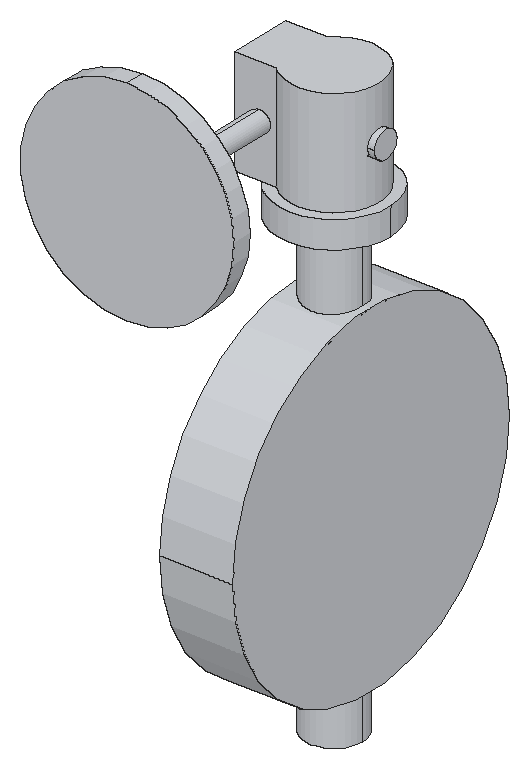
Revit family "HS497-68_disk-nerez_převodové kolo DN400-RFA_2019", category Pipe Accessories, Revit 2019
Family settings
  Round Connector Dimension = Use Diameter
  Part Type = Valve - Breaks Into
  Work Plane-Based = No
  Always vertical = Yes
  Cut with Voids When Loaded = No
  Shared = No
Parameters (values of type "HS 497-68_DN400_PN10_převodové kolo")
  magiProductId = "cc64a4384dcb41b780d81810f4f293"
  magiProductFamilyId = "53cea81e6f374d17b8841d9c72ad77"
  magiPartTypeId = 305
  isMeasuringValve [instance] = no
  ang2D [instance] = 0.00°
  X11 = 109.255 mm
  X1 = 45.255 mm
  W2D = 1000 mm
  VersionID = "2.0/2017.9.26.1/ZETKAMA_497_001"
  Use Minimum Symbol Size [instance] = yes
  URL = "http://www.hydronic.cz"
  Type Comments = "mezipřírubová; nerezový disk; PN10; -10~+110°C (krátkodobě +120°C)"
  SW30 = yes
  SW3 = yes
  SW21 = no
  SW20 = no
  SW2 = no
  SW1 = no
  R = 200 mm
  QmdConnectorList = "301;D;302;D"
  Productdata [instance] = ""
  NC = 72.5 mm
  Manufacturer = "Hydronic Systems Prague s.r.o."
  MM20 = 45.255 mm
  MC Product Code = "126 400 (nerezový disk, s převodovým kolem; DN400; PN10, kvs13799)"
  M41 = 103.5 mm
  M4 = 69 mm
  LHL = 220 mm
  LHH3 = 2.45 mm
  LHH1 = 46.55 mm
  LH1 = 73.333 mm
  L4R__ve = -L4R  # -27.8 mm
  L4R = 27.8 mm
  L42__ve = -L42  # -208.5 mm
  L42 = 208.5 mm
  L41__ve = -L41  # -41.7 mm
  L41 = 41.7 mm
  L2D_Min = 3048 mm
  L2D = 216 mm
  L2 = 51 mm
  L1 = 81.6 mm
  L = 102 mm
  H = 31 mm
  G22 = 11.25 mm
  G2 = 22.5 mm
  G1 = 90 mm
  G = 160 mm
  F = 27 mm
  E44 = 75 mm
  E42 = 150 mm
  E4 = 300 mm
  E23 = 4.9 mm
  E22 = 19.6 mm
  E21 = 9.8 mm
  Description = "Mezipřírubová uzavírací klapka s převodovým kolem; nerezový disk, DN400; PN10; kvs13799"
  DR2 = 200 mm
  DR = 485 mm
  DD1 = 37.5 mm
  DD = 30 mm
  D = 400 mm
  CAT0 = yes
  B2__ve = -B2  # -108 mm
  B2 = 108 mm
  A2 = 38 mm
  A1 = 142 mm
Types (43, lengths in mm): name | magiProductId | X11 | X1 | Type Comments | SW30 | SW3 | SW20 | SW2 | SW1 | R | NC | Manufacturer | MM20 | MC Product Code | M41 | M4 | LHL | LHH3 | LHH1 | LH1 | L4R__ve | L4R | L42__ve | L42 | L41__ve | L41 | L2 | L1 | L | H | G | F | E44 | E42 | E4 | E23 | E22 | E21 | Description | DR2 | DR | DD1 | DD | D | B2__ve | B2 | A2 | A1
  HS 497-68_DN100_PN16_volné vřeteno | "65d1b245f4f142c78569c0602d5754" | 61.456 | 25.456 | "mezipřírubová; nerezový disk; PN16; -10~+110°C (krátkodobě +120°C)" | no | no | no | no | yes | 50 | 50 | "Hydronic Systems Prague s.r.o." | 25.456 | "124 100 (nerezový disk, s volným vřetenem; DN100; PN16, kvs512)" | 66 | 44 | 220 | 2.45 | 46.55 | 73.333 | -12.8 | 12.8 | -96 | 96 | -19.2 | 19.2 | 26 | 41.6 | 52 | 30 | 90 | 11 | 31.25 | 62.5 | 125 | 4.9 | 19.6 | 9.8 | "Mezipřírubová uzavírací klapka s volným vřetenem; nerezový disk, DN100; PN16; kvs512" | 50 | 147 | 15.625 | 12.5 | 100 | -56 | 56 | 16.5 | 98.5
  HS 497-68_DN100_PN16_převodové kolo | "11e91b807e674d428c8e796fcdcfe2" | 61.456 | 25.456 | "mezipřírubová; nerezový disk; PN16; -10~+110°C (krátkodobě +120°C)" | yes | yes | no | no | no | 50 | 50 | "Hydronic Systems Prague s.r.o." | 25.456 | "126 100 (nerezový disk, s převodovým kolem; DN100; PN16, kvs512)" | 65.25 | 43.5 | 220 | 2.45 | 46.55 | 73.333 | -12.8 | 12.8 | -96 | 96 | -19.2 | 19.2 | 26 | 41.6 | 52 | 30 | 90 | 11 | 31.25 | 62.5 | 125 | 4.9 | 19.6 | 9.8 | "Mezipřírubová uzavírací klapka s převodovým kolem; nerezový disk, DN100; PN16; kvs512" | 50 | 147 | 15.625 | 12.5 | 100 | -56 | 56 | 16.5 | 98.5
  HS 497-68_DN100_PN16_s pákou | "28172f0b3f4b47b28323ac71cf8749" | 61.456 | 25.456 | "mezipřírubová; nerezový disk; PN16; -10~+110°C (krátkodobě +120°C)" | no | no | yes | yes | no | 50 | 50 | "Hydronic Systems Prague s.r.o." | 25.456 | "121 100 (nerezový disk, s pákou; DN100; PN16, kvs512)" | 66 | 44 | 260 | 3 | 57 | 86.667 | -12.8 | 12.8 | -96 | 96 | -19.2 | 19.2 | 26 | 41.6 | 52 | 30 | 90 | 11 | 31.25 | 62.5 | 125 | 6 | 24 | 12 | "Mezipřírubová uzavírací klapka s pákou; nerezový disk, DN100; PN16; kvs512" | 50 | 147 | 15.625 | 12.5 | 100 | -56 | 56 | 16.5 | 98.5
  HS 497-68_DN125_PN16_volné vřeteno | "0d813d910fc14f628bb3c2efbd185c" | 61.456 | 25.456 | "mezipřírubová; nerezový disk; PN16; -10~+110°C (krátkodobě +120°C)" | no | no | no | no | yes | 62.5 | 50 | "Hydronic Systems Prague s.r.o." | 25.456 | "124 125 (nerezový disk, s volným vřetenem; DN125; PN16, kvs872)" | 66 | 44 | 220 | 2.45 | 46.55 | 73.333 | -12.8 | 12.8 | -96 | 96 | -19.2 | 19.2 | 28 | 44.8 | 56 | 33 | 90 | 14 | 31.25 | 62.5 | 125 | 4.9 | 19.6 | 9.8 | "Mezipřírubová uzavírací klapka s volným vřetenem; nerezový disk, DN125; PN16; kvs872" | 62.5 | 180 | 15.625 | 12.5 | 125 | -64 | 64 | 18 | 99.5
  HS 497-68_DN125_PN16_převodové kolo | "c56b7c13f372467684996fb1e0e229" | 61.456 | 25.456 | "mezipřírubová; nerezový disk; PN16; -10~+110°C (krátkodobě +120°C)" | yes | yes | no | no | no | 62.5 | 50 | "Hydronic Systems Prague s.r.o." | 25.456 | "126125 (nerezový disk, s převodovým kolem; DN125; PN16, kvs872)" | 65.25 | 43.5 | 220 | 2.45 | 46.55 | 73.333 | -13.5 | 13.5 | -101.25 | 101.25 | -20.25 | 20.25 | 28 | 44.8 | 56 | 33 | 90 | 14 | 40 | 80 | 160 | 4.9 | 19.6 | 9.8 | "Mezipřírubová uzavírací klapka s převodovým kolem; nerezový disk, DN125; PN16; kvs872" | 62.5 | 180 | 20 | 16 | 125 | -64 | 64 | 18 | 99.5
  HS 497-68_DN125_PN16_s pákou | "105993c79a91492399feef7931321a" | 61.456 | 25.456 | "mezipřírubová; nerezový disk; PN16; -10~+110°C (krátkodobě +120°C)" | no | no | yes | yes | no | 62.5 | 50 | "Hydronic Systems Prague s.r.o." | 25.456 | "121 125 (nerezový disk, s pákou; DN125; PN16, kvs872)" | 66 | 44 | 315 | 3.75 | 71.25 | 105 | -12.8 | 12.8 | -96 | 96 | -19.2 | 19.2 | 28 | 44.8 | 56 | 33 | 90 | 14 | 31.25 | 62.5 | 125 | 7.5 | 30 | 15 | "Mezipřírubová uzavírací klapka s pákou; nerezový disk, DN125; PN16; kvs872" | 62.5 | 180 | 15.625 | 12.5 | 125 | -64 | 64 | 18 | 99.5
  HS 497-68_DN150_PN16_volné vřeteno | "50c80cb8ab434f55ab7796e5ac1331" | 61.456 | 25.456 | "mezipřírubová; nerezový disk; PN16; -10~+110°C (krátkodobě +120°C)" | no | no | no | no | yes | 75 | 50 | "Hydronic Systems Prague s.r.o." | 25.456 | "124 150 (nerezový disk, s volným vřetenem; DN150; PN16, kvs1347)" | 66 | 44 | 220 | 2.45 | 46.55 | 73.333 | -12.8 | 12.8 | -96 | 96 | -19.2 | 19.2 | 28 | 44.8 | 56 | 33 | 90 | 14 | 31.25 | 62.5 | 125 | 4.9 | 19.6 | 9.8 | "Mezipřírubová uzavírací klapka s volným vřetenem; nerezový disk, DN150; PN16; kvs1347" | 75 | 206 | 15.625 | 12.5 | 150 | -58 | 58 | 19.3 | 98.7
  HS 497-68_DN150_PN16_převodové kolo | "d94a1a0cf83b476eb10011b327f709" | 61.456 | 25.456 | "mezipřírubová; nerezový disk; PN16; -10~+110°C (krátkodobě +120°C)" | yes | yes | no | no | no | 75 | 50 | "Hydronic Systems Prague s.r.o." | 25.456 | "126 150 (nerezový disk, s převodovým kolem; DN150; PN16, kvs1347)" | 65.25 | 43.5 | 220 | 2.45 | 46.55 | 73.333 | -13.5 | 13.5 | -101.25 | 101.25 | -20.25 | 20.25 | 28 | 44.8 | 56 | 33 | 90 | 14 | 40 | 80 | 160 | 4.9 | 19.6 | 9.8 | "Mezipřírubová uzavírací klapka s převodovým kolem; nerezový disk, DN150; PN16; kvs1347" | 75 | 206 | 20 | 16 | 150 | -58 | 58 | 19.3 | 98.7
  HS 497-68_DN150_PN16_s pákou | "4d2835523fe84828bc50ff0a5a0dfb" | 61.456 | 25.456 | "mezipřírubová; nerezový disk; PN16; -10~+110°C (krátkodobě +120°C)" | no | no | yes | yes | no | 75 | 50 | "Hydronic Systems Prague s.r.o." | 25.456 | "121 150 (nerezový disk, s pákou; DN150; PN16, kvs1347)" | 66 | 44 | 315 | 3.75 | 71.25 | 105 | -12.8 | 12.8 | -96 | 96 | -19.2 | 19.2 | 28 | 44.8 | 56 | 33 | 90 | 14 | 31.25 | 62.5 | 125 | 7.5 | 30 | 15 | "Mezipřírubová uzavírací klapka s pákou; nerezový disk, DN150; PN16; kvs1347" | 75 | 206 | 15.625 | 12.5 | 150 | -58 | 58 | 19.3 | 98.7
  HS 497-68_DN200_PN16_volné vřeteno | "5b29029eaeba47139ee1055a4b9201" | 61.456 | 25.456 | "mezipřírubová; nerezový disk; PN16; -10~+110°C (krátkodobě +120°C)" | no | no | no | no | yes | 100 | 50 | "Hydronic Systems Prague s.r.o." | 25.456 | "124 200 (nerezový disk, s volným vřetenem; DN200; PN16, kvs2675)" | 66 | 44 | 220 | 2.45 | 46.55 | 73.333 | -12.8 | 12.8 | -96 | 96 | -19.2 | 19.2 | 30 | 48 | 60 | 33 | 90 | 17 | 31.25 | 62.5 | 125 | 4.9 | 19.6 | 9.8 | "Mezipřírubová uzavírací klapka s volným vřetenem; nerezový disk, DN200; PN16; kvs2675" | 100 | 257 | 15.625 | 12.5 | 200 | -70 | 70 | 22.5 | 102.5
  HS 497-68_DN200_PN16_převodové kolo | "b2793cc1fcc44cf2a35062cd67c04f" | 61.456 | 25.456 | "mezipřírubová; nerezový disk; PN16; -10~+110°C (krátkodobě +120°C)" | yes | yes | no | no | no | 100 | 57 | "Hydronic Systems Prague s.r.o." | 25.456 | "126 200 (nerezový disk, s převodovým kolem; DN200; PN16, kvs2675)" | 78.75 | 52.5 | 220 | 2.45 | 46.55 | 73.333 | -15.2 | 15.2 | -114 | 114 | -22.8 | 22.8 | 30 | 48 | 60 | 33 | 90 | 17 | 50 | 100 | 200 | 4.9 | 19.6 | 9.8 | "Mezipřírubová uzavírací klapka s převodovým kolem; nerezový disk, DN200; PN16; kvs2675" | 100 | 257 | 25 | 20 | 200 | -70 | 70 | 22.5 | 102.5
  HS 497-68_DN200_PN16_s pákou | "f88d96c7af224537a51e72d7d8fffe" | 61.456 | 25.456 | "mezipřírubová; nerezový disk; PN16; -10~+110°C (krátkodobě +120°C)" | no | no | yes | yes | no | 100 | 50 | "Hydronic Systems Prague s.r.o." | 25.456 | "121 200 (nerezový disk, s pákou; DN200; PN16, kvs2675)" | 66 | 44 | 315 | 3.75 | 71.25 | 105 | -12.8 | 12.8 | -96 | 96 | -19.2 | 19.2 | 30 | 48 | 60 | 33 | 90 | 17 | 31.25 | 62.5 | 125 | 7.5 | 30 | 15 | "Mezipřírubová uzavírací klapka s pákou; nerezový disk, DN200; PN16; kvs2675" | 100 | 257 | 15.625 | 12.5 | 200 | -70 | 70 | 22.5 | 102.5
  HS 497-68_DN250_PN16_volné vřeteno | "b662e8305ca2402b9c510e66e6aa55" | 88.77 | 36.77 | "mezipřírubová; nerezový disk; PN16; -10~+110°C (krátkodobě +120°C)" | no | no | no | no | yes | 125 | 50 | "Hydronic Systems Prague s.r.o." | 36.77 | "124 250 (nerezový disk, s volným vřetenem; DN250; PN16, kvs4555)" | 66 | 44 | 220 | 2.45 | 46.55 | 73.333 | -12.8 | 12.8 | -96 | 96 | -19.2 | 19.2 | 34 | 54.4 | 68 | 23 | 130 | 22 | 31.25 | 62.5 | 125 | 4.9 | 19.6 | 9.8 | "Mezipřírubová uzavírací klapka s volným vřetenem; nerezový disk, DN250; PN16; kvs4555" | 125 | 324 | 15.625 | 12.5 | 250 | -85 | 85 | 28.25 | 129.25
  HS 497-68_DN250_PN16_převodové kolo | "5ee9016806664ddfaa2632711f295c" | 88.77 | 36.77 | "mezipřírubová; nerezový disk; PN16; -10~+110°C (krátkodobě +120°C)" | yes | yes | no | no | no | 125 | 70 | "Hydronic Systems Prague s.r.o." | 36.77 | "126 250 (nerezový disk, s převodovým kolem; DN250; PN16, kvs4555)" | 91.5 | 61 | 220 | 2.45 | 46.55 | 73.333 | -22.2 | 22.2 | -166.5 | 166.5 | -33.3 | 33.3 | 34 | 54.4 | 68 | 23 | 130 | 22 | 62.5 | 125 | 250 | 4.9 | 19.6 | 9.8 | "Mezipřírubová uzavírací klapka s převodovým kolem; nerezový disk, DN250; PN16; kvs4555" | 125 | 324 | 31.25 | 25 | 250 | -85 | 85 | 28.25 | 129.25
  HS 497-68_DN300_PN16_volné vřeteno | "e1886f51ff004380a649519258edf2" | 88.77 | 36.77 | "mezipřírubová; nerezový disk; PN16; -10~+110°C (krátkodobě +120°C)" | no | no | no | no | yes | 150 | 50 | "Hydronic Systems Prague s.r.o." | 36.77 | "124 300 (nerezový disk, s volným vřetenem; DN300; PN16, kvs7037)" | 66 | 44 | 220 | 2.45 | 46.55 | 73.333 | -12.8 | 12.8 | -96 | 96 | -19.2 | 19.2 | 39 | 62.4 | 78 | 23 | 130 | 22 | 31.25 | 62.5 | 125 | 4.9 | 19.6 | 9.8 | "Mezipřírubová uzavírací klapka s volným vřetenem; nerezový disk, DN300; PN16; kvs7037" | 150 | 376 | 15.625 | 12.5 | 300 | -90 | 90 | 30.8 | 127.2
  HS 497-68_DN300_PN16_převodové kolo | "6860f094f77d42088fbebc3c97f755" | 88.77 | 36.77 | "mezipřírubová; nerezový disk; PN16; -10~+110°C (krátkodobě +120°C)" | yes | yes | no | no | no | 150 | 70 | "Hydronic Systems Prague s.r.o." | 36.77 | "126 300 (nerezový disk, s převodovým kolem; DN300; PN16, kvs7037)" | 91.5 | 61 | 220 | 2.45 | 46.55 | 73.333 | -22.2 | 22.2 | -166.5 | 166.5 | -33.3 | 33.3 | 39 | 62.4 | 78 | 23 | 130 | 22 | 62.5 | 125 | 250 | 4.9 | 19.6 | 9.8 | "Mezipřírubová uzavírací klapka s převodovým kolem; nerezový disk, DN300; PN16; kvs7037" | 150 | 376 | 31.25 | 25 | 300 | -90 | 90 | 30.8 | 127.2
  HS 497-68_DN032_PN16_volné vřeteno | "8c5f65de52aa4067a77564107e31b2" | 61.456 | 25.456 | "mezipřírubová; nerezový disk; PN16; -10~+110°C (krátkodobě +120°C)" | no | no | no | no | yes | 16 | 50 | "Hydronic Systems Prague s.r.o." | 25.456 | "124 032 (nerezový disk, s volným vřetenem; DN32; PN16, kvs78)" | 66 | 44 | 220 | 2.45 | 46.55 | 73.333 | -12.8 | 12.8 | -96 | 96 | -19.2 | 19.2 | 16.5 | 26.4 | 33 | 30 | 90 | 11 | 31.25 | 62.5 | 125 | 4.9 | 19.6 | 9.8 | "Mezipřírubová uzavírací klapka s volným vřetenem; nerezový disk, DN32; PN16; kvs78" | 16 | 68 | 15.625 | 12.5 | 32 | -44.2 | 44.2 | 10.25 | 76.25
  HS 497-68_DN032_PN16_převodové kolo | "60aaeffa8b3a4e809ef000e4660060" | 61.456 | 25.456 | "mezipřírubová; nerezový disk; PN16; -10~+110°C (krátkodobě +120°C)" | yes | yes | no | no | no | 16 | 50 | "Hydronic Systems Prague s.r.o." | 25.456 | "126 032 (nerezový disk, s převodovým kolem; DN32; PN16, kvs78)" | 65.25 | 43.5 | 220 | 2.45 | 46.55 | 73.333 | -12.8 | 12.8 | -96 | 96 | -19.2 | 19.2 | 16.5 | 26.4 | 33 | 30 | 90 | 11 | 31.25 | 62.5 | 125 | 4.9 | 19.6 | 9.8 | "Mezipřírubová uzavírací klapka s převodovým kolem; nerezový disk, DN32; PN16; kvs78" | 16 | 68 | 15.625 | 12.5 | 32 | -44.2 | 44.2 | 10.25 | 76.25
  HS 497-68_DN032_PN16_s pákou | "9ad8088d610749a1b871aa2aad8007" | 61.456 | 25.456 | "mezipřírubová; nerezový disk; PN16; -10~+110°C (krátkodobě +120°C)" | no | no | yes | yes | no | 16 | 50 | "Hydronic Systems Prague s.r.o." | 25.456 | "121 032 (nerezový disk, s pákou; DN32; PN16, kvs78)" | 66 | 44 | 220 | 2.45 | 46.55 | 73.333 | -12.8 | 12.8 | -96 | 96 | -19.2 | 19.2 | 16.5 | 26.4 | 33 | 30 | 90 | 11 | 31.25 | 62.5 | 125 | 4.9 | 19.6 | 9.8 | "Mezipřírubová uzavírací klapka s pákou; nerezový disk, DN32; PN16; kvs78" | 16 | 68 | 15.625 | 12.5 | 32 | -44.2 | 44.2 | 10.25 | 76.25
  HS 497-68_DN350_PN10_volné vřeteno | "72a1e05f22944421b7e9596a877137" | 109.255 | 45.255 | "mezipřírubová; nerezový disk; PN10; -10~+110°C (krátkodobě +120°C)" | no | no | no | no | yes | 175 | 50 | "Hydronic Systems Prague s.r.o." | 45.255 | "124 350 (nerezový disk, s volným vřetenem; DN350; PN10, kvs10165)" | 66 | 44 | 220 | 2.45 | 46.55 | 73.333 | -12.8 | 12.8 | -96 | 96 | -19.2 | 19.2 | 39 | 62.4 | 78 | 31 | 160 | 22 | 31.25 | 62.5 | 125 | 4.9 | 19.6 | 9.8 | "Mezipřírubová uzavírací klapka s volným vřetenem; nerezový disk, DN350; PN10; kvs10165" | 175 | 430 | 15.625 | 12.5 | 350 | -88 | 88 | 33.85 | 129.65
  HS 497-68_DN350_PN10_převodové kolo | "a5a01426cb28494ba3afca92f1dace" | 109.255 | 45.255 | "mezipřírubová; nerezový disk; PN10; -10~+110°C (krátkodobě +120°C)" | yes | yes | no | no | no | 175 | 70 | "Hydronic Systems Prague s.r.o." | 45.255 | "126 350 (nerezový disk, s převodovým kolem; DN350; PN10, kvs10165)" | 91.5 | 61 | 220 | 2.45 | 46.55 | 73.333 | -22.2 | 22.2 | -166.5 | 166.5 | -33.3 | 33.3 | 39 | 62.4 | 78 | 31 | 160 | 22 | 62.5 | 125 | 250 | 4.9 | 19.6 | 9.8 | "Mezipřírubová uzavírací klapka s převodovým kolem; nerezový disk, DN350; PN10; kvs10165" | 175 | 430 | 31.25 | 25 | 350 | -88 | 88 | 33.85 | 129.65
  HS 497-68_DN400_PN10_volné vřeteno | "c70ebeb927c04ab99b176e257ad0a7" | 109.255 | 45.255 | "mezipřírubová; nerezový disk; PN10; -10~+110°C (krátkodobě +120°C)" | no | no | no | no | yes | 200 | 50 | "Hydronic Systems Prague s.r.o." | 45.255 | "124 400 (nerezový disk, s volným vřetenem; DN400; PN10, kvs13799)" | 66 | 44 | 220 | 2.45 | 46.55 | 73.333 | -12.8 | 12.8 | -96 | 96 | -19.2 | 19.2 | 51 | 81.6 | 102 | 31 | 160 | 27 | 31.25 | 62.5 | 125 | 4.9 | 19.6 | 9.8 | "Mezipřírubová uzavírací klapka s volným vřetenem; nerezový disk, DN400; PN10; kvs13799" | 200 | 485 | 15.625 | 12.5 | 400 | -108 | 108 | 38 | 142
  HS 497-68_DN400_PN10_převodové kolo | "cc64a4384dcb41b780d81810f4f293" | 109.255 | 45.255 | "mezipřírubová; nerezový disk; PN10; -10~+110°C (krátkodobě +120°C)" | yes | yes | no | no | no | 200 | 72.5 | "Hydronic Systems Prague s.r.o." | 45.255 | "126 400 (nerezový disk, s převodovým kolem; DN400; PN10, kvs13799)" | 103.5 | 69 | 220 | 2.45 | 46.55 | 73.333 | -27.8 | 27.8 | -208.5 | 208.5 | -41.7 | 41.7 | 51 | 81.6 | 102 | 31 | 160 | 27 | 75 | 150 | 300 | 4.9 | 19.6 | 9.8 | "Mezipřírubová uzavírací klapka s převodovým kolem; nerezový disk, DN400; PN10; kvs13799" | 200 | 485 | 37.5 | 30 | 400 | -108 | 108 | 38 | 142
  HS 497-68_DN040_PN16_volné vřeteno | "35f92312390745e88df5b5c325d9ee" | 61.456 | 25.456 | "mezipřírubová; nerezový disk; PN16; -10~+110°C (krátkodobě +120°C)" | no | no | no | no | yes | 20 | 50 | "Hydronic Systems Prague s.r.o." | 25.456 | "124 040 (nerezový disk, s volným vřetenem; DN40; PN16, kvs78)" | 66 | 44 | 220 | 2.45 | 46.55 | 73.333 | -12.8 | 12.8 | -96 | 96 | -19.2 | 19.2 | 16.5 | 26.4 | 33 | 30 | 90 | 11 | 31.25 | 62.5 | 125 | 4.9 | 19.6 | 9.8 | "Mezipřírubová uzavírací klapka s volným vřetenem; nerezový disk, DN40; PN16; kvs78" | 20 | 76 | 15.625 | 12.5 | 40 | -36 | 36 | 11 | 79
  HS 497-68_DN040_PN16_převodové kolo | "d88e968eae3445bc9b7b4e6ff35127" | 61.456 | 25.456 | "mezipřírubová; nerezový disk; PN16; -10~+110°C (krátkodobě +120°C)" | yes | yes | no | no | no | 20 | 50 | "Hydronic Systems Prague s.r.o." | 25.456 | "126 040 (nerezový disk, s převodovým kolem; DN40; PN16, kvs78)" | 65.25 | 43.5 | 220 | 2.45 | 46.55 | 73.333 | -12.8 | 12.8 | -96 | 96 | -19.2 | 19.2 | 16.5 | 26.4 | 33 | 30 | 90 | 11 | 31.25 | 62.5 | 125 | 4.9 | 19.6 | 9.8 | "Mezipřírubová uzavírací klapka s převodovým kolem; nerezový disk, DN40; PN16; kvs78" | 20 | 76 | 15.625 | 12.5 | 40 | -36 | 36 | 11 | 79
  HS 497-68_DN040_PN16_s pákou | "c1b522ca65b4407a98818f232eaacb" | 61.456 | 25.456 | "mezipřírubová; nerezový disk; PN16; -10~+110°C (krátkodobě +120°C)" | no | no | yes | yes | no | 20 | 50 | "Hydronic Systems Prague s.r.o." | 25.456 | "121 040 (nerezový disk, s pákou; DN40; PN16, kvs78)" | 66 | 44 | 220 | 2.45 | 46.55 | 73.333 | -12.8 | 12.8 | -96 | 96 | -19.2 | 19.2 | 16.5 | 26.4 | 33 | 30 | 90 | 11 | 31.25 | 62.5 | 125 | 4.9 | 19.6 | 9.8 | "Mezipřírubová uzavírací klapka s pákou; nerezový disk, DN40; PN16; kvs78" | 20 | 76 | 15.625 | 12.5 | 40 | -36 | 36 | 11 | 79
  HS 497-68_DN450_PN10_volné vřeteno | "a8358bc282f14872b3194e530e590a" | 129.74 | 53.74 | "mezipřírubová; nerezový disk; PN10; -10~+110°C (krátkodobě +120°C)" | no | no | no | no | yes | 225 | 50 | "Hydronic Systems Prague s.r.o." | 53.74 | "124 450 (nerezový disk, s volným vřetenem; DN450; PN10, kvs18514)" | 66 | 44 | 220 | 2.45 | 46.55 | 73.333 | -12.8 | 12.8 | -96 | 96 | -19.2 | 19.2 | 57 | 91.2 | 114 | 38 | 190 | 36 | 31.25 | 62.5 | 125 | 4.9 | 19.6 | 9.8 | "Mezipřírubová uzavírací klapka s volným vřetenem; nerezový, DN450; PN10; kvs18514" | 225 | 536 | 15.625 | 12.5 | 450 | -115 | 115 | 38.05 | 117.45
  HS 497-68_DN450_PN10_převodové kolo | "cdf2d80f54a9414f9cbe50647c0ebd" | 129.74 | 53.74 | "mezipřírubová; nerezový disk; PN10; -10~+110°C (krátkodobě +120°C)" | yes | yes | no | no | no | 225 | 91.5 | "Zetkama" | 53.74 | "126 450 (nerezový disk, s převodovým kolem; DN450; PN10, kvs18514)" | 144.75 | 96.5 | 220 | 2.45 | 46.55 | 73.333 | -32.1 | 32.1 | -240.75 | 240.75 | -48.15 | 48.15 | 57 | 91.2 | 114 | 38 | 190 | 36 | 100 | 200 | 400 | 4.9 | 19.6 | 9.8 | "Mezipřírubová uzavírací klapka s převodovým kolem; nerezový disk, DN450; PN10; kvs18514" | 225 | 536 | 50 | 40 | 450 | -115 | 115 | 38.05 | 117.45
  HS 497-68_DN500_PN10_volné vřeteno | "8c396e27bb2743f98f3c762b6517cd" | 143.397 | 59.397 | "mezipřírubová; nerezový disk; PN10; -10~+110°C (krátkodobě +120°C)" | no | no | no | no | yes | 250 | 50 | "Hydronic Systems Prague s.r.o." | 59.397 | "124 500 (nerezový disk, s volným vřetenem; DN500; PN10, kvs23805)" | 66 | 44 | 220 | 2.45 | 46.55 | 73.333 | -12.8 | 12.8 | -96 | 96 | -19.2 | 19.2 | 63.5 | 101.6 | 127 | 38 | 210 | 36 | 31.25 | 62.5 | 125 | 4.9 | 19.6 | 9.8 | "Mezipřírubová uzavírací klapka s volným vřetenem; nerezový disk, DN500; PN10; kvs23805" | 250 | 593 | 15.625 | 12.5 | 500 | -130 | 130 | 43.25 | 139.25
  HS 497-68_DN500_PN10_převodové kolo | "7647804f32e94cef828a7034a91a46" | 143.397 | 59.397 | "mezipřírubová; nerezový disk; PN10; -10~+110°C (krátkodobě +120°C)" | yes | yes | no | no | no | 250 | 91.5 | "Zetkama" | 59.397 | "126 500 (nerezový disk, s převodovým kolem; DN500; PN10, kvs23805)" | 144.75 | 96.5 | 220 | 2.45 | 46.55 | 73.333 | -32.1 | 32.1 | -240.75 | 240.75 | -48.15 | 48.15 | 63.5 | 101.6 | 127 | 38 | 210 | 36 | 100 | 200 | 400 | 4.9 | 19.6 | 9.8 | "Mezipřírubová uzavírací klapka s převodovým kolem; nerezový disk, DN500; PN10; kvs23805" | 250 | 593 | 50 | 40 | 500 | -130 | 130 | 43.25 | 139.25
  HS 497-68_DN050_volné vřeteno | "d71f296ecd6d4adf8f6e5d9853b4e0" | 61.456 | 25.456 | "mezipřírubová; nerezový disk; PN16; -10~+110°C (krátkodobě +120°C)" | no | no | no | no | yes | 25 | 50 | "Hydronic Systems Prague s.r.o." | 25.456 | "124 050 (nerezový disk, s volným vřetenem; DN50; PN16, kvs98)" | 66 | 44 | 220 | 2.45 | 46.55 | 73.333 | -12.8 | 12.8 | -96 | 96 | -19.2 | 19.2 | 21.5 | 34.4 | 43 | 30 | 90 | 11 | 31.25 | 62.5 | 125 | 4.9 | 19.6 | 9.8 | "Mezipřírubová uzavírací klapka s volným vřetenem; nerezový disk, DN50; PN16; kvs98" | 25 | 100 | 15.625 | 12.5 | 50 | -36.5 | 36.5 | 12 | 83
  HS 497-68_DN050_PN16_převodové kolo | "2fb080deeaed49c58418b94c1da5a4" | 61.456 | 25.456 | "mezipřírubová; nerezový disk; PN16; -10~+110°C (krátkodobě +120°C)" | yes | yes | no | no | no | 25 | 50 | "Hydronic Systems Prague s.r.o." | 25.456 | "126 050 (nerezový disk, s převodovým kolem; DN50; PN16, kvs98)" | 65.25 | 43.5 | 220 | 2.45 | 46.55 | 73.333 | -12.8 | 12.8 | -96 | 96 | -19.2 | 19.2 | 21.5 | 34.4 | 43 | 30 | 90 | 11 | 31.25 | 62.5 | 125 | 4.9 | 19.6 | 9.8 | "Mezipřírubová uzavírací klapka s převodovým kolem; nerezový disk, DN50; PN16; kvs98" | 25 | 100 | 15.625 | 12.5 | 50 | -36.5 | 36.5 | 12 | 83
  HS 497-68_DN050_PN16_s pákou | "dabc632061f94877a994b9b4e68112" | 61.456 | 25.456 | "mezipřírubová; nerezový disk; PN16; -10~+110°C (krátkodobě +120°C)" | no | no | yes | yes | no | 25 | 50 | "Hydronic Systems Prague s.r.o." | 25.456 | "121 050 (nerezový disk, s pákou; DN50; PN16, kvs98)" | 66 | 44 | 220 | 2.45 | 46.55 | 73.333 | -12.8 | 12.8 | -96 | 96 | -19.2 | 19.2 | 21.5 | 34.4 | 43 | 30 | 90 | 11 | 31.25 | 62.5 | 125 | 4.9 | 19.6 | 9.8 | "Mezipřírubová uzavírací klapka s pákou; nerezový disk, DN50; PN16; kvs98" | 25 | 100 | 15.625 | 12.5 | 50 | -36.5 | 36.5 | 12 | 83
  HS 497-68_DN600_PN10_volné vřeteno | "99d5892c14664fce81a7c5903f7711" | 143.397 | 59.397 | "mezipřírubová; nerezový disk; PN10; -10~+110°C (krátkodobě +120°C)" | no | no | no | no | yes | 300 | 50 | "Hydronic Systems Prague s.r.o." | 59.397 | "124 600 (nerezový disk, s volným vřetenem; DN600; PN10, kvs36778)" | 66 | 44 | 220 | 2.45 | 46.55 | 73.333 | -12.8 | 12.8 | -96 | 96 | -19.2 | 19.2 | 77 | 123.2 | 154 | 80 | 210 | 60 | 31.25 | 62.5 | 125 | 4.9 | 19.6 | 9.8 | "Mezipřírubová uzavírací klapka s volným vřetenem; nerezový disk, DN600; PN10; kvs36788" | 300 | 690 | 15.625 | 12.5 | 600 | -140 | 140 | 49.4 | 144.6
  HS 497-68_DN600_PN10_převodové kolo | "b1e26faab48a4c499f6bb11e7e3002" | 143.397 | 59.397 | "mezipřírubová; lnerezový disk; PN10; -10~+110°C (krátkodobě +120°C)" | yes | yes | no | no | no | 300 | 140 | "Hydronic Systems Prague s.r.o." | 59.397 | "126 600 (nerezový disk, s převodovým kolem; DN600; PN10, kvs36778)" | 206.25 | 137.5 | 220 | 2.45 | 46.55 | 73.333 | -40.8 | 40.8 | -306 | 306 | -61.2 | 61.2 | 77 | 123.2 | 154 | 80 | 210 | 60 | 125 | 250 | 500 | 4.9 | 19.6 | 9.8 | "Mezipřírubová uzavírací klapka s převodovým kolem; nerezový disk, DN600; PN10; kvs36788" | 300 | 690 | 62.5 | 50 | 600 | -140 | 140 | 49.4 | 144.6
  HS 497-68_DN065_PN16_volné vřeteno | "5e5e208646e34ec29f889baab5d08e" | 61.456 | 25.456 | "mezipřírubová; lnerezový disk; PN16; -10~+110°C (krátkodobě +120°C)" | no | no | no | no | yes | 32.5 | 50 | "Hydronic Systems Prague s.r.o." | 25.456 | "124 065 (nerezový disk, s volným vřetenem; DN65; PN16, kvs167)" | 66 | 44 | 220 | 2.45 | 46.55 | 73.333 | -12.8 | 12.8 | -96 | 96 | -19.2 | 19.2 | 23 | 36.8 | 46 | 30 | 90 | 11 | 31.25 | 62.5 | 125 | 4.9 | 19.6 | 9.8 | "Mezipřírubová uzavírací klapka s volným vřetenem; nerezový disk, DN65; PN16; kv167" | 32.5 | 108 | 15.625 | 12.5 | 65 | -36.5 | 36.5 | 13.5 | 89
  HS 497-68_DN065_PN16_převodové kolo | "654d74c8d15540b0bfe523d988ccb3" | 61.456 | 25.456 | "mezipřírubová; nerezový disk; PN16; -10~+110°C (krátkodobě +120°C)" | yes | yes | no | no | no | 32.5 | 50 | "Hydronic Systems Prague s.r.o." | 25.456 | "126 065 (nerezový disk, s převodovým kolem; DN65; PN16, kvs167)" | 65.25 | 43.5 | 220 | 2.45 | 46.55 | 73.333 | -12.8 | 12.8 | -96 | 96 | -19.2 | 19.2 | 23 | 36.8 | 46 | 30 | 90 | 11 | 31.25 | 62.5 | 125 | 4.9 | 19.6 | 9.8 | "Mezipřírubová uzavírací klapka s převodovým kolem; nerezový disk, DN65; PN16; kvs167" | 32.5 | 108 | 15.625 | 12.5 | 65 | -36.5 | 36.5 | 13.5 | 89
  HS 497-68_DN065_PN16_s pákou | "ebeb4b59db0641caaf6d6635ab37b9" | 61.456 | 25.456 | "mezipřírubová; nerezový disk; PN16; -10~+110°C (krátkodobě +120°C)" | no | no | yes | yes | no | 32.5 | 50 | "Hydronic Systems Prague s.r.o." | 25.456 | "121 065 (nerezový disk, s pákou; DN65; PN16, kvs167)" | 66 | 44 | 220 | 2.45 | 46.55 | 73.333 | -12.8 | 12.8 | -96 | 96 | -19.2 | 19.2 | 23 | 36.8 | 46 | 30 | 90 | 11 | 31.25 | 62.5 | 125 | 4.9 | 19.6 | 9.8 | "Mezipřírubová uzavírací klapka s pákou; nerezový disk, DN65; PN16; kvs167" | 32.5 | 108 | 15.625 | 12.5 | 65 | -36.5 | 36.5 | 13.5 | 89
  HS 497-68_DN080_PN16_volné vřeteno | "9e85c75c18654e1185a9c48ed6b00e" | 61.456 | 25.456 | "mezipřírubová; nerezový disk; PN16; -10~+110°C (krátkodobě +120°C)" | no | no | no | no | yes | 40 | 50 | "Hydronic Systems Prague s.r.o." | 25.456 | "124 080 (nerezový disk, s volným vřetenem; DN80; PN16, kvs258)" | 66 | 44 | 220 | 2.45 | 46.55 | 73.333 | -12.8 | 12.8 | -96 | 96 | -19.2 | 19.2 | 23 | 36.8 | 46 | 30 | 90 | 11 | 31.25 | 62.5 | 125 | 4.9 | 19.6 | 9.8 | "Mezipřírubová uzavírací klapka s volným vřetenem; nerezový disk, DN80; PN16; kvs258" | 40 | 124 | 15.625 | 12.5 | 80 | -54 | 54 | 14.1 | 86.9
  HS 497-68_DN080_PN16_převodové kolo | "5b3c8238c3d041e68c75b199e7ea46" | 61.456 | 25.456 | "mezipřírubová; nerezový disk; PN16; -10~+110°C (krátkodobě +120°C)" | yes | yes | no | no | no | 40 | 50 | "Hydronic Systems Prague s.r.o." | 25.456 | "126 080 (nerezový disk, s převodovým kolem; DN80; PN16, kvs258)" | 65.25 | 43.5 | 220 | 2.45 | 46.55 | 73.333 | -12.8 | 12.8 | -96 | 96 | -19.2 | 19.2 | 23 | 36.8 | 46 | 30 | 90 | 11 | 31.25 | 62.5 | 125 | 4.9 | 19.6 | 9.8 | "Mezipřírubová uzavírací klapka s převodovým kolem; nerezový disk, DN80; PN16; kvs258" | 40 | 124 | 15.625 | 12.5 | 80 | -54 | 54 | 14.1 | 86.9
  HS 497-68_DN080_PN16_s pákou | "e414795fab0f4eccb99bc3572c5477" | 61.456 | 25.456 | "mezipřírubová; nerezový disk; PN16; -10~+110°C (krátkodobě +120°C)" | no | no | yes | yes | no | 40 | 50 | "Hydronic Systems Prague s.r.o." | 25.456 | "121 080 (nerezový disk, s pákou; DN80; PN16, kvs258)" | 66 | 44 | 260 | 3 | 57 | 86.667 | -12.8 | 12.8 | -96 | 96 | -19.2 | 19.2 | 23 | 36.8 | 46 | 30 | 90 | 11 | 31.25 | 62.5 | 125 | 6 | 24 | 12 | "Mezipřírubová uzavírací klapka s pákou; nerezový disk, DN80; PN16; kvs258" | 40 | 124 | 15.625 | 12.5 | 80 | -54 | 54 | 14.1 | 86.9
  HS 497-68_DN250_PN16_s pákou | "" | 88.77 | 36.77 | "mezipřírubová; nerezový disk; PN16; -10~+110°C (krátkodobě +120°C)" | no | no | yes | yes | no | 125 | 70 | "Hydronic Systems Prague s.r.o." | 36.77 | "121 250 (nerezový disk, s ákou; DN250; PN16, kvs4555)" | 91.5 | 61 | 220 | 2.45 | 46.55 | 73.333 | -22.2 | 22.2 | -166.5 | 166.5 | -33.3 | 33.3 | 34 | 54.4 | 68 | 23 | 130 | 22 | 62.5 | 125 | 250 | 4.9 | 19.6 | 9.8 | "Mezipřírubová uzavírací klapka s pákou; nerezový disk, DN250; PN16; kvs4555" | 125 | 324 | 31.25 | 25 | 250 | -85 | 85 | 28.25 | 129.25
  HS 497-68_DN300_PN16_s pákou | "" | 88.77 | 36.77 | "mezipřírubová; nerezový disk; PN16; -10~+110°C (krátkodobě +120°C)" | no | no | yes | yes | no | 150 | 70 | "Hydronic Systems Prague s.r.o." | 36.77 | "121 300 (nerezový disk, s pákou; DN300; PN16, kvs7037)" | 91.5 | 61 | 220 | 2.45 | 46.55 | 73.333 | -22.2 | 22.2 | -166.5 | 166.5 | -33.3 | 33.3 | 39 | 62.4 | 78 | 23 | 130 | 22 | 62.5 | 125 | 250 | 4.9 | 19.6 | 9.8 | "Mezipřírubová uzavírací klapka s pákou; nerezový disk, DN300; PN16; kvs7037" | 150 | 376 | 31.25 | 25 | 300 | -90 | 90 | 30.8 | 127.2
Reference planes
  plane 1 "Center (Front/Back)": y = 0
  plane 2 "XYPLANE": z = 0
  plane 3 "Center (Left/Right)": x = 0
  plane 4 "473": x = -45.255
  plane 5 "472": x = -103.5
  plane 6 "471": y = -45.255
  plane 7 "470": y = 45.255
  plane 8 "469": x = -69
  plane 9 "468": y = -250.2
  plane 10 "467": y = -208.5
  plane 11 "466": z = 455
  plane 12 "465": z = 426.55
  plane 13 "464": y = 145.417
  plane 14 "463": z = 416.75
  plane 15 "462": z = 399.6
  plane 16 "461": z = 409.4
  plane 17 "460": y = 72.083
  plane 18 "459": x = -11.25
  plane 19 "458": x = 11.25
  plane 20 "457": y = -6.25
  plane 21 "456": x = -17.5
  plane 22 "455": x = 17.5
  plane 23 "454": z = 414.3
  plane 24 "453": y = 62.083
  plane 25 "452": y = -11.25
  plane 26 "451": x = -22.5
  plane 27 "450": x = 22.5
  plane 28 "449": z = 394.7
  plane 29 "448": z = 389.8
  plane 30 "447": z = -200
  plane 31 "446": z = 380
  plane 32 "445": z = 342
  plane 33 "444": z = 200
  plane 34 "443": x = 51
  plane 35 "442": x = -51
  plane 36 "441": z = 0
  plane 37 "440": y = 0
  plane 38 "439": x = 0
  plane 39 "438": z = 429
  plane 40 "437": z = 414.3
  plane 41 "436": x = 13.7
  plane 42 "435": x = -13.7
  plane 43 "434": y = 220
Forms (mm)
  Extrusion 1, solid, visible <- "SW3"
    sketch origin (-750, 0, 380) x (1, 0, 0) y (0, 1, 0)
      loop
        line (646.5, 45.255) -> (646.5, -45.255) -> (704.745, -45.255)
        arc (704.745, -45.255) -> (814, 0) -> (704.745, 45.255) r 64
        line (704.745, 45.255) -> (646.5, 45.255)
    from 0 to 150 <- "E42"
  Extrusion 2, solid, visible <- "SW30"
    sketch origin (0, -750, 0) x (0, 1, 0) y (0, 0, 1)
      loop
        circle (750, 455) r 18.75
    from 0 to 72.5 <- "NC"
  Extrusion 3, solid, visible <- "SW30"
    sketch origin (750, -250.2, 0) x (-1, 0, 0) y (0, 0, 1)
      loop
        circle (819, 455) r 150
    from 0 to -27.8 <- "L4R__ve"
  Extrusion 4, solid, visible <- "SW3"
    sketch origin (750, -208.5, 0) x (-1, 0, 0) y (0, 0, 1)
      loop
        circle (819, 455) r 18.75
    from 0 to -41.7 <- "L41__ve"
  Extrusion 5, solid, visible <- "SW30"
    sketch origin (750, 0, 0) x (-1, 0, 0) y (0, 0, 1)
      loop
        circle (819, 455) r 15
    from 0 to -208.5 <- "L42__ve"
  Blend 6, solid, visible <- "SW21"
    base sketch origin (750, 72.083, 0) x (-1, 0, 0) y (0, 0, 1)
      loop
        line (761.25, 409.4) -> (738.75, 409.4) -> (738.75, 399.6) -> (761.25, 399.6) -> (761.25, 409.4)
    top sketch origin (750, 72.083, 0) x (-1, 0, 0) y (0, 0, 1)
      loop
        line (761.25, 426.55) -> (738.75, 426.55) -> (738.75, 416.75) -> (761.25, 416.75) -> (761.25, 426.55)
    from 0 to 73.333
  Blend 7, solid, visible <- "SW21"
    base sketch origin (750, 62.083, 0) x (-1, 0, 0) y (0, 0, 1)
      loop
        line (761.25, 414.3) -> (738.75, 414.3) -> (738.75, 394.7) -> (761.25, 394.7) -> (761.25, 414.3)
    top sketch origin (750, 62.083, 0) x (-1, 0, 0) y (0, 0, 1)
      loop
        line (761.25, 409.4) -> (738.75, 409.4) -> (738.75, 399.6) -> (761.25, 399.6) -> (761.25, 409.4)
    from 0 to 10
  Blend 8, solid, visible <- "SW21"
    base sketch origin (-750, 0, 394.7) x (1, 0, 0) y (0, 1, 0)
      loop
        line (772.5, 62.083) -> (727.5, 62.083) -> (727.5, -11.25)
        arc (727.5, -11.25) -> (750, -31.25) -> (772.5, -11.25) r 22.656
        line (772.5, -11.25) -> (772.5, 62.083)
    top sketch origin (-750, 0, 394.7) x (1, 0, 0) y (0, 1, 0)
      loop
        line (767.5, 62.083) -> (732.5, 62.083) -> (732.5, -6.25)
        arc (732.5, -6.25) -> (750, -26.25) -> (767.5, -6.25) r 17.656
        line (767.5, -6.25) -> (767.5, 62.083)
    from 0 to 19.6
  Extrusion 9, solid, visible <- "SW2"
    sketch origin (-750, 0, 389.8) x (1, 0, 0) y (0, 1, 0)
      loop
        circle (750, 0) r 11.25
    from 0 to 4.9 <- "E23"
  Extrusion 10, solid, visible <- "SW2"
    sketch origin (-750, 0, 380) x (1, 0, 0) y (0, 1, 0)
      loop
        circle (750, 0) r 45
    from 0 to 9.8 <- "E21"
  Extrusion 11, solid, visible <- "CAT0"
    sketch origin (-750, 0, -200) x (1, 0, 0) y (0, 1, 0)
      loop
        circle (750, 0) r 40.8
    from 0 to -108 <- "B2__ve"
  Extrusion 12, solid, visible <- "CAT0"
    sketch origin (-750, 0, 342) x (1, 0, 0) y (0, 1, 0)
      loop
        circle (750, 0) r 80
    from 0 to 38 <- "A2"
  Extrusion 13, solid, visible <- "CAT0"
    sketch origin (-750, 0, 200) x (1, 0, 0) y (0, 1, 0)
      loop
        circle (750, 0) r 40.8
    from 0 to 142 <- "A1"
  Extrusion 14, solid, visible <- "CAT0"
    sketch origin (-51, -750, 0) x (0, 1, 0) y (0, 0, 1)
      loop
        circle (750, 0) r 242.5
    from 0 to 102 <- "L"
  Extrusion 15, solid, visible <- "SW1"
    sketch origin (-750, 0, 380) x (1, 0, 0) y (0, 1, 0)
      loop
        line (763.5, 13.5) -> (736.5, 13.5) -> (736.5, -13.5) -> (763.5, -13.5) -> (763.5, 13.5)
    from 0 to 31 <- "H"
  Blend 16, solid, visible <- "SW2"
    base sketch origin (750, 145.417, 0) x (-1, 0, 0) y (0, 0, 1)
      loop
        arc (763.7, 424) -> (762.236, 427.536) -> (758.7, 429) r 5
        line (758.7, 429) -> (741.3, 429)
        arc (741.3, 429) -> (737.764, 427.536) -> (736.3, 424) r 5
        line (736.3, 424) -> (736.3, 419.3)
        arc (736.3, 419.3) -> (737.764, 415.764) -> (741.3, 414.3) r 5
        line (741.3, 414.3) -> (758.7, 414.3)
        arc (758.7, 414.3) -> (762.236, 415.764) -> (763.7, 419.3) r 5
        line (763.7, 419.3) -> (763.7, 424)
    top sketch origin (750, 145.417, 0) x (-1, 0, 0) y (0, 0, 1)
      loop
        arc (763.7, 424) -> (762.236, 427.536) -> (758.7, 429) r 5
        line (758.7, 429) -> (741.3, 429)
        arc (741.3, 429) -> (737.764, 427.536) -> (736.3, 424) r 5
        line (736.3, 424) -> (736.3, 419.3)
        arc (736.3, 419.3) -> (737.764, 415.764) -> (741.3, 414.3) r 5
        line (741.3, 414.3) -> (758.7, 414.3)
        arc (758.7, 414.3) -> (762.236, 415.764) -> (763.7, 419.3) r 5
        line (763.7, 419.3) -> (763.7, 424)
    from 0 to 74.583
  Blend 17, solid, visible <- "SW20"
    base sketch origin (750, 145.417, 0) x (-1, 0, 0) y (0, 0, 1)
      loop
        line (763.7, 429) -> (736.3, 429) -> (736.3, 414.3) -> (763.7, 414.3) -> (763.7, 429)
    top sketch origin (750, 145.417, 0) x (-1, 0, 0) y (0, 0, 1)
      loop
        line (761.25, 414.3) -> (738.75, 414.3) -> (738.75, 394.7) -> (761.25, 394.7) -> (761.25, 414.3)
    from 0 to -83.333
  Extrusion 18, solid, visible <- "SW20"
    sketch origin (-750, 0, 394.7) x (1, 0, 0) y (0, 1, 0)
      loop
        line (772.5, 62.083) -> (727.5, 62.083) -> (727.5, -11.25)
        arc (727.5, -11.25) -> (750, -31.25) -> (772.5, -11.25) r 22.656
        line (772.5, -11.25) -> (772.5, 62.083)
    from 0 to 19.6 <- "E22"
  Extrusion 19, solid, not visible
    sketch origin (-51, -750, 0) x (0, 1, 0) y (0, 0, 1)
      loop
        circle (750, 0) r 10
    from 0 to 10
  Extrusion 20, solid, not visible
    sketch origin (51, -750, 0) x (0, 1, 0) y (0, 0, 1)
      loop
        circle (750, 0) r 10
    from 0 to -10
Lines and regions (mm)
  reference lines, not visible
    curve 1: circle (2, 2, 0) r 1 normal (0, 0, 1)
  reference lines
    curve 2: line (-45.255, -45.255, 380) -> (-45.255, 45.255, 380)
    curve 3: line (-17.5, -6.25, 394.7) -> (17.5, -6.25, 394.7)
    curve 4: line (-22.5, -11.25, 394.7) -> (22.5, -11.25, 394.7)
    curve 5: circle (0, 0, 380) r 1 normal (0, 0, 1)
    curve 6: line (-22.5, -11.25, 394.7) -> (22.5, -11.25, 394.7)
Dimensions and locks
  plane 1 "Center (Front/Back)" to curve 1 = 2 mm
  "X1": plane 3 "Center (Left/Right)" to plane 4 "473"
  "M41": plane 3 "Center (Left/Right)" to plane 5 "472"
  "MM20": plane 1 "Center (Front/Back)" to plane 6 "471"
  "MM20": plane 1 "Center (Front/Back)" to plane 7 "470"
  "M4": plane 3 "Center (Left/Right)" to plane 8 "469"
  "L41": plane 10 "467" to plane 9 "468"
  "L42": plane 1 "Center (Front/Back)" to plane 10 "467"
  "E44": plane 31 "446" to plane 11 "466"
  "LHH1": plane 31 "446" to plane 12 "465"
  "LH1": plane 17 "460" to plane 13 "464"
  "E21": plane 12 "465" to plane 14 "463"
  "E21": plane 16 "461" to plane 15 "462"
  "E23": plane 23 "454" to plane 16 "461"
  locked: plane 24 "453" to plane 17 "460" at 10
  "G22": plane 3 "Center (Left/Right)" to plane 18 "459"
  "G22": plane 3 "Center (Left/Right)" to plane 19 "458"
  locked: plane 25 "452" to plane 20 "457" at 5
  locked: plane 26 "451" to plane 21 "456" at 5
  locked: plane 27 "450" to plane 22 "455" at 5
  "E22": plane 28 "449" to plane 23 "454"
  "LH1": plane 25 "452" to plane 24 "453"
  "G22": plane 1 "Center (Front/Back)" to plane 25 "452"
  "G2": plane 3 "Center (Left/Right)" to plane 26 "451"
  "G2": plane 3 "Center (Left/Right)" to plane 27 "450"
  "E23": plane 29 "448" to plane 28 "449"
  "E21": plane 31 "446" to plane 29 "448"
  "R": plane 2 "XYPLANE" to plane 30 "447"
  "A2": plane 32 "445" to plane 31 "446"
  "A1": plane 33 "444" to plane 32 "445"
  "DR2": plane 2 "XYPLANE" to plane 33 "444"
  "L2": plane 3 "Center (Left/Right)" to plane 34 "443"
  "L2": plane 3 "Center (Left/Right)" to plane 35 "442"
  locked: plane 2 "XYPLANE" to plane 36 "441"
  locked: plane 1 "Center (Front/Back)" to plane 37 "440"
  locked: plane 3 "Center (Left/Right)" to plane 38 "439"
  "LHH3": plane 12 "465" to plane 39 "438"
  "LHH3": plane 14 "463" to plane 40 "437"
  "LHH3": plane 19 "458" to plane 41 "436"
  "LHH3": plane 18 "459" to plane 42 "435"
  "LHL": plane 1 "Center (Front/Back)" to plane 43 "434"
  "X11": curve 2 to Extrusion 1 sketch curve
  Extrusion 1 sketch curve to Extrusion 1 sketch curve = 0 mm  (x8)
  Blend 6 sketch curve to Blend 6 sketch curve = 0 mm  (x16)
  Blend 7 sketch curve to Blend 7 sketch curve = 0 mm  (x16)
  Blend 8 sketch curve to Blend 8 sketch curve = 0 mm  (x16)
  equal spacing: Extrusion 15 sketch curve, curve 5, Extrusion 15 sketch curve  (x2)
  "F": Extrusion 15 sketch curve to Extrusion 15 sketch curve  (x2)
  Blend 16 sketch curve to Blend 16 sketch curve = 0 mm  (x32)
  Blend 17 sketch curve to Blend 17 sketch curve = 0 mm  (x16)
  Extrusion 18 sketch curve to Extrusion 18 sketch curve = 0 mm  (x8)
  "DD1": diameter of Extrusion 2 sketch curve
  "E4": diameter of Extrusion 3 sketch curve
  "DD1": diameter of Extrusion 4 sketch curve
  "DD": diameter of Extrusion 5 sketch curve
  "G2": diameter of Extrusion 9 sketch curve
  "G1": diameter of Extrusion 10 sketch curve
  "L1": diameter of Extrusion 11 sketch curve
  "G": diameter of Extrusion 12 sketch curve
  "L1": diameter of Extrusion 13 sketch curve
  "DR": diameter of Extrusion 14 sketch curve
  radius of Blend 16 sketch curve = 5 mm  (x8)
  aligned and locked: level to plane 2 "XYPLANE"
  aligned and locked: Extrusion 1 sketch curve to plane 5 "472"
  aligned and locked: plane 7 "470" to Extrusion 1 sketch curve
  aligned and locked: plane 6 "471" to Extrusion 1 sketch curve
  aligned and locked: plane 5 "472" to Extrusion 1 sketch curve
  aligned and locked: plane 4 "473" to Extrusion 1 sketch curve  (x2)
  aligned and locked: plane 4 "473" to curve 2
  aligned and locked: plane 6 "471" to curve 2
  aligned and locked: plane 7 "470" to curve 2
  aligned and locked: Extrusion 1 sketch curve to plane 7 "470"
  aligned and locked: plane 11 "466" to Extrusion 2 sketch curve
  aligned and locked: plane 37 "440" to Extrusion 2 sketch curve
  aligned and locked: plane 8 "469" to Extrusion 3 sketch curve
  aligned and locked: plane 11 "466" to Extrusion 3 sketch curve
  aligned and locked: plane 8 "469" to Extrusion 4 sketch curve
  aligned and locked: plane 11 "466" to Extrusion 4 sketch curve
  aligned and locked: plane 8 "469" to Extrusion 5 sketch curve
  aligned and locked: plane 11 "466" to Extrusion 5 sketch curve
  aligned and locked: plane 12 "465" to Blend 6 sketch curve  (x2)
  aligned and locked: plane 18 "459" to Blend 6 sketch curve  (x4)
  aligned and locked: plane 19 "458" to Blend 6 sketch curve  (x4)
  aligned and locked: plane 14 "463" to Blend 6 sketch curve  (x2)
  aligned and locked: plane 16 "461" to Blend 6 sketch curve  (x2)
  aligned and locked: plane 15 "462" to Blend 6 sketch curve  (x2)
  aligned and locked: plane 13 "464" to Blend 6
  aligned and locked: plane 16 "461" to Blend 7 sketch curve  (x2)
  aligned and locked: plane 18 "459" to Blend 7 sketch curve  (x4)
  aligned and locked: plane 19 "458" to Blend 7 sketch curve  (x4)
  aligned and locked: plane 15 "462" to Blend 7 sketch curve  (x2)
  aligned and locked: plane 23 "454" to Blend 7 sketch curve  (x2)
  aligned and locked: plane 28 "449" to Blend 7 sketch curve  (x2)
  aligned and locked: plane 17 "460" to Blend 7
  aligned and locked: plane 24 "453" to Blend 8 sketch curve  (x4)
  aligned and locked: plane 22 "455" to Blend 8 sketch curve  (x2)
  aligned and locked: plane 21 "456" to Blend 8 sketch curve
  aligned and locked: plane 20 "457" to Blend 8 sketch curve  (x2)
  aligned and locked: curve 3 to plane 20 "457"
  aligned and locked: plane 21 "456" to curve 3
  aligned and locked: plane 22 "455" to curve 3
  aligned and locked: plane 27 "450" to Blend 8 sketch curve  (x2)
  aligned and locked: plane 26 "451" to Blend 8 sketch curve
  aligned and locked: plane 25 "452" to Blend 8 sketch curve  (x2)
  aligned and locked: curve 4 to plane 25 "452"
  aligned and locked: plane 26 "451" to curve 4
  aligned and locked: plane 27 "450" to curve 4
  aligned and locked: plane 23 "454" to Blend 8
  aligned and locked: plane 37 "440" to Extrusion 9 sketch curve
  aligned and locked: plane 38 "439" to Extrusion 9 sketch curve
  aligned and locked: plane 37 "440" to Extrusion 10 sketch curve
  aligned and locked: plane 38 "439" to Extrusion 10 sketch curve
  aligned and locked: plane 37 "440" to Extrusion 11 sketch curve
  aligned and locked: plane 38 "439" to Extrusion 11 sketch curve
  aligned and locked: plane 37 "440" to Extrusion 12 sketch curve
  aligned and locked: plane 38 "439" to Extrusion 12 sketch curve
  aligned and locked: plane 37 "440" to Extrusion 13 sketch curve
  aligned and locked: plane 38 "439" to Extrusion 13 sketch curve
  aligned and locked: plane 36 "441" to Extrusion 14 sketch curve
  aligned and locked: Extrusion 14 sketch curve to plane 37 "440"
  aligned and locked: plane 37 "440" to curve 5
  aligned and locked: plane 38 "439" to curve 5
  aligned and locked: plane 39 "438" to Blend 16 sketch curve  (x2)
  aligned and locked: plane 41 "436" to Blend 16 sketch curve  (x2)
  aligned and locked: Blend 16 sketch curve to plane 40 "437"  (x2)
  aligned and locked: Blend 16 sketch curve to plane 42 "435"  (x2)
  aligned and locked: plane 43 "434" to Blend 16
  aligned and locked: plane 23 "454" to Blend 17 sketch curve  (x2)
  aligned and locked: plane 18 "459" to Blend 17 sketch curve  (x2)
  aligned and locked: plane 19 "458" to Blend 17 sketch curve  (x2)
  aligned and locked: plane 28 "449" to Blend 17 sketch curve  (x2)
  aligned and locked: plane 39 "438" to Blend 17 sketch curve  (x2)
  aligned and locked: plane 42 "435" to Blend 17 sketch curve  (x2)
  aligned and locked: plane 41 "436" to Blend 17 sketch curve  (x2)
  aligned and locked: plane 40 "437" to Blend 17 sketch curve  (x2)
  aligned and locked: Blend 17 to plane 24 "453"
  aligned and locked: plane 24 "453" to Extrusion 18 sketch curve  (x2)
  aligned and locked: plane 27 "450" to Extrusion 18 sketch curve  (x2)
  aligned and locked: plane 26 "451" to Extrusion 18 sketch curve
  aligned and locked: plane 25 "452" to Extrusion 18 sketch curve  (x2)
  aligned and locked: curve 6 to plane 25 "452"
  aligned and locked: plane 26 "451" to curve 6
  aligned and locked: plane 27 "450" to curve 6
  aligned and locked: plane 36 "441" to Extrusion 19 sketch curve
  aligned and locked: Extrusion 19 sketch curve to plane 37 "440"
  aligned and locked: plane 36 "441" to Extrusion 20 sketch curve
  aligned and locked: Extrusion 20 sketch curve to plane 37 "440"
Automatic sketch dimensions
  Blend 8 sketch curve to plane 20 "457" = 2.344 mm  (x2)
  Extrusion 18 sketch curve to plane 20 "457" = 2.344 mm
  plane 25 "452" to Extrusion 19 sketch curve = 1.25 mm
  plane 25 "452" to Extrusion 20 sketch curve = 1.25 mm
  plane 3 "Center (Left/Right)" to curve 1 = 2 mm
  Extrusion 15 sketch curve to plane 3 "Center (Left/Right)" = 13.5 mm
  Extrusion 15 sketch curve to plane 20 "457" = 7.25 mm
  radius of curve 5 = 1 mm
  radius of curve 1 = 1 mm
Connectors
  piping at (-51, 0, 0), diameter 400, driven by "D"
    settings: on Extrusion 19, index 1, connector inside diameter 609.6 mm, connector length 0 mm, flow factor 0, pipe flow 0.0 L/s, pressure drop 0.0 Pa, fitting loss kfactor 0, connector angle 0.00°, fixture units 0, engagement length 0 mm, angle of deflection 0.00°, flow configuration 0, flow direction 0, fitting loss method 0, system type 29, joint type 0, gender type 0, connector reference index 2, connector utility 0, adjustable connector no, is connector primary yes, connector description ""
  piping at (51, 0, 0), diameter 400, driven by "D"
    settings: on Extrusion 20, index 2, connector inside diameter 609.6 mm, connector length 0 mm, flow factor 0, pipe flow 0.0 L/s, pressure drop 0.0 Pa, fitting loss kfactor 0, connector angle 0.00°, fixture units 0, engagement length 0 mm, angle of deflection 0.00°, flow configuration 0, flow direction 0, fitting loss method 0, system type 29, joint type 0, gender type 0, connector reference index 1, connector utility 0, adjustable connector no, is connector primary no, connector description ""
